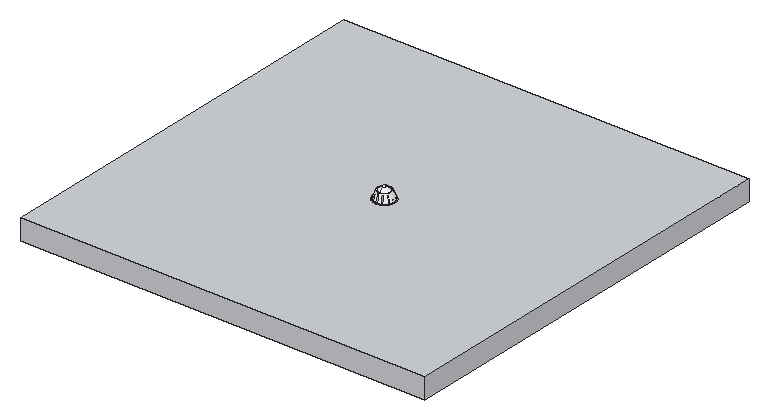
Revit family
Parameters (values of type "6"")
  WFU = 0
  URL = "WWW.MIFAB.COM"
  Top Assembly Diameter = 5.000"
  Strainer Adjustment [instance] = 1.500"
  Pipe Radius = Pipe Diameter / 2  # 3.000"
  Pipe Diameter = 6.000"
  Model = "F1100-C-K"
  Manufacturer = "MIFAB"
  Floor Drain Material = Paint - Sherwin Williams Paint - #952C2A - Bellwood Red
  Domestic Cold Water Radius = 0.250"
  Domestic Cold Water Diameter = Domestic Cold Water Radius * 2  # 0.500"
  Description = "FLOOR DRAIN WITH DOME STRAINER"
  Default Elevation = 0.000"
  CWFU = 0
  Body Height = 3.375"
  Assembly Code = ""
Types (6): name | Pipe Radius | Pipe Diameter
  (no name) | 3.000" | 6.000"
  3" | 1.500" | 3.000"
  4" | 2.000" | 4.000"
  5" | 2.500" | 5.000"
  6" | 3.000" | 6.000"
  2" | 1.000" | 2.000"
Reference planes (in)
  plane 1 "Center (Front/Back)": y = 0
  plane 2: z = 0
  plane 3 "Center (Left/Right)": x = 0
  plane 4: z = -4.875
  plane 5: z = -1.5
  plane 6: z = 0
  plane 7: y = 4
  plane 8: y = -4
  plane 9: y = -3
  plane 10: y = 3
  plane 11: z = 1.8
  plane 12: y = -3.13425
  plane 13: y = 3.13425
  plane 14: z = -1.5
  plane 15: z = -4.875
  plane 16: y = 2.5
  plane 17: y = -2.5
Forms (in)
  Extrusion 1, solid
    sketch origin (0, 0, 0) x (1, 0, 0) y (0, 1, 0)
      loop
        line (-48, 48) -> (-48, -48) -> (48, -48) -> (48, 48) -> (-48, 48)
    from 0 to -4.875
  Revolve 2, solid, material "Paint - Sherwin Williams Paint - #952C2A - Bellwood Red" <- "Floor Drain Material"
    sketch origin (0, 0.04396, 0) x (0, 1, 0) y (0, 0, 1)
      loop
        line (-0.04396, -1.5) -> (-4.04396, -1.5) -> (-4.04396, -1.76052) -> (-3.17821, -1.76052) -> (-3.17821, -2.79383) -> (-3.04396, -3.49988) -> (-3.04396, -4.875) -> (-0.04396, -4.875) -> (-0.04396, -1.5)
      axis (-0.04396, -1.5) -> (-0.04396, -4.875)
    angle from 0 to 360
  Revolve 3, solid, material "Paint - Sherwin Williams Paint - #952C2A - Bellwood Red" <- "Floor Drain Material"
    sketch origin (0, 0, 0) x (0, 1, 0) y (0, 0, 1)
      loop
        line (-4, -1.5) -> (-1.67549, -1.5) -> (-1.67549, -0.72742) -> (-1.7641, -0.72742) -> (-1.7641, -1.25) -> (-4, -1.25) -> (-4, -1.5)
      axis (0, -0.72742) -> (0, -1.5)
    angle from 0 to 360
  Revolve 4, solid, material "Paint - Sherwin Williams Paint - #952C2A - Bellwood Red" <- "Floor Drain Material"
    sketch origin (-0.09375, 0, 0) x (1, 0, 0) y (0, 0, 1)
      loop
        line (-3.44265, -2.25159) -> (-2.48645, -2.25159) -> (-2.48645, -1.9078) -> (-3.09582, -1.9078) -> (-3.18962, -2.00159) -> (-3.44265, -2.00159) -> (-3.44265, -2.25159)
      axis (-2.48645, -2.25159) -> (-3.44265, -2.25159)
    angle from 0 to 360
  Revolve 5, solid, material "Paint - Sherwin Williams Paint - #952C2A - Bellwood Red" <- "Floor Drain Material"
    sketch origin (0, 0, 0) x (0, 1, 0) y (0, 0, 1)
      loop
        line (-1.67549, -1.25) -> (-1.40936, -1.25) -> (-1.40936, -0.52519) -> (-2.37819, -0.52519) -> (-2.37819, 0) -> (-2.5, 0) -> (-2.5, -0.68359) -> (-1.67549, -0.68359) -> (-1.67549, -1.25)
      axis (0, 0) -> (0, -1.25)
    angle from 0 to 360
  Revolve 6, solid, material "Paint - Sherwin Williams Paint - #952C2A - Bellwood Red" <- "Floor Drain Material"
    sketch origin (0, 0, 0) x (0, 1, 0) y (0, 0, 1)
      loop
        line (-2.37819, 0) -> (-2.37819, -0.52519) -> (0, -0.52519) -> (0, 2.53353) -> (-0.5, 2.53353) -> (-1.23353, 1.8) -> (-1.59526, 1.8) -> (-2.2504, 0) -> (-2.37819, 0)
      axis (0, 2.53353) -> (0, -0.52519)
    angle from 0 to 360
  Extrusion 7, void
    sketch origin (0, 0, 0) x (1, 0, 0) y (0, 0, 1)
      loop
        line (0.15436, 0) -> (0.15436, 1.50037)
        arc (0.15436, 1.50037) -> (0, 1.65473) -> (-0.15436, 1.50037) r 0.15436
        line (-0.15436, 1.50037) -> (-0.15436, 0) -> (0.15436, 0)
    from 1.31662 to 2.53664
  Extrusion 8, void
    sketch origin (0, 0, 0) x (0.866025, -0.5, 0) y (0, 0, 1)
      loop
        line (0.15436, 0) -> (0.15436, 1.50037)
        arc (0.15436, 1.50037) -> (0, 1.65473) -> (-0.15436, 1.50037) r 0.15436
        line (-0.15436, 1.50037) -> (-0.15436, 0) -> (0.15436, 0)
    from 1.15888 to 2.46336
  Extrusion 9, void
    sketch origin (0, 0, 0) x (0.5, -0.866025, 0) y (0, 0, 1)
      loop
        line (0.15436, 0) -> (0.15436, 1.50037)
        arc (0.15436, 1.50037) -> (0, 1.65473) -> (-0.15436, 1.50037) r 0.15436
        line (-0.15436, 1.50037) -> (-0.15436, 0) -> (0.15436, 0)
    from 1.17885 to 2.53664
  Extrusion 10, void
    sketch origin (0, 0, 0) x (-0.866025, -0.5, 0) y (0, 0, -1)
      loop
        line (0.15436, 0) -> (-0.15436, 0) -> (-0.15436, -1.50037)
        arc (-0.15436, -1.50037) -> (0, -1.65473) -> (0.15436, -1.50037) r 0.15436
        line (0.15436, -1.50037) -> (0.15436, 0)
    from 1.24007 to 2.53664
  Extrusion 11, void
    sketch origin (0, 0, 0) x (-0.5, -0.866025, 0) y (0, 0, -1)
      loop
        line (0.15436, 0) -> (-0.15436, 0) -> (-0.15436, -1.50037)
        arc (-0.15436, -1.50037) -> (0, -1.65473) -> (0.15436, -1.50037) r 0.15436
        line (0.15436, -1.50037) -> (0.15436, 0)
    from 1.21564 to 2.53664
  Extrusion 12, void
    sketch origin (0, 0, 0) x (0.866025, 0.5, 0) y (0, 0, -1)
      loop
        line (0.15436, 0) -> (-0.15436, 0) -> (-0.15436, -1.50037)
        arc (-0.15436, -1.50037) -> (0, -1.65473) -> (0.15436, -1.50037) r 0.15436
        line (0.15436, -1.50037) -> (0.15436, 0)
    from 1.17962 to 2.53664
  Extrusion 13, void
    sketch origin (0, 0, 0) x (0.5, 0.866025, 0) y (0, 0, -1)
      loop
        line (0.15436, 0) -> (-0.15436, 0) -> (-0.15436, -1.50037)
        arc (-0.15436, -1.50037) -> (0, -1.65473) -> (0.15436, -1.50037) r 0.15436
        line (0.15436, -1.50037) -> (0.15436, 0)
    from 1.14008 to 2.53664
  Extrusion 14, void
    sketch origin (0, 0, 0) x (-0.866025, 0.5, 0) y (0, 0, 1)
      loop
        line (0.15436, 0) -> (0.15436, 1.50037)
        arc (0.15436, 1.50037) -> (0, 1.65473) -> (-0.15436, 1.50037) r 0.15436
        line (-0.15436, 1.50037) -> (-0.15436, 0) -> (0.15436, 0)
    from 1.2174 to 2.53664
  Extrusion 15, void
    sketch origin (0, 0, 0) x (-0.5, 0.866025, 0) y (0, 0, 1)
      loop
        line (0.15436, 0) -> (0.15436, 1.50037)
        arc (0.15436, 1.50037) -> (0, 1.65473) -> (-0.15436, 1.50037) r 0.15436
        line (-0.15436, 1.50037) -> (-0.15436, 0) -> (0.15436, 0)
    from 1.2293 to 2.53664
  Extrusion 16, void
    sketch origin (0, 0, 0) x (0, 1, 0) y (0, 0, -1)
      loop
        line (0.15436, 0) -> (-0.15436, 0) -> (-0.15436, -1.50037)
        arc (-0.15436, -1.50037) -> (0, -1.65473) -> (0.15436, -1.50037) r 0.15436
        line (0.15436, -1.50037) -> (0.15436, 0)
    from 1.16465 to 2.53664
  Extrusion 17, void
    sketch origin (0, 0, 0) x (0, 1, 0) y (0, 0, 1)
      loop
        line (0.15436, 0) -> (0.15436, 1.50037)
        arc (0.15436, 1.50037) -> (0, 1.65473) -> (-0.15436, 1.50037) r 0.15436
        line (-0.15436, 1.50037) -> (-0.15436, 0) -> (0.15436, 0)
    from 1.18824 to 2.53664
  Extrusion 18, void
    sketch origin (0, 0, 0) x (1, 0, 0) y (0, 0, -1)
      loop
        line (0.15436, 0) -> (-0.15436, 0) -> (-0.15436, -1.50037)
        arc (-0.15436, -1.50037) -> (0, -1.65473) -> (0.15436, -1.50037) r 0.15436
        line (0.15436, -1.50037) -> (0.15436, 0)
    from 1.14094 to 2.53664
Cuts and joins
  Extrusion 7, Extrusion 8, Extrusion 9, Extrusion 10, Extrusion 11, Extrusion 12, Extrusion 13, Extrusion 14, Extrusion 15, Extrusion 16, Extrusion 17, Extrusion 18 cuts Revolve 5
  Extrusion 7, Extrusion 8, Extrusion 9, Extrusion 10, Extrusion 11, Extrusion 12, Extrusion 13, Extrusion 14, Extrusion 15, Extrusion 16, Extrusion 17, Extrusion 18 cuts Revolve 6
  joined: Revolve 2, Revolve 4
Lines and regions (in)
  symbolic lines
    curve 1: circle (0, 0, 0) r 4 normal (0, 0, 1)
Dimensions and locks (in)
  "Body Height": plane 5 to plane 4
  "Strainer Adjustment": plane 6 to plane 5
  equal spacing: plane 7, plane 1 "Center (Front/Back)", plane 8
  plane 7 to plane 8 = 8.000"
  Revolve 2 to Revolve 4 sketch curve = 0.49108"
  equal spacing: plane 10, plane 1 "Center (Front/Back)", plane 9
  "Pipe Diameter": plane 10 to plane 9
  "Pipe Radius": plane 1 "Center (Front/Back)" to plane 9
  locked: Revolve 5 sketch curve to Revolve 5 sketch curve at 0.1584
  locked: Revolve 5 sketch curve to Revolve 5 sketch curve at 0.26614
  locked: plane 11 to Extrusion 1 at 1.8
  locked: Revolve 6 sketch curve to Extrusion 1 at 2.53353
  locked: Revolve 2 sketch curve to plane 8 at 0.86575
  locked: plane 1 "Center (Front/Back)" to Revolve 5 sketch curve at 1.40936
  "Strainer Adjustment": level to plane 14
  "Body Height": plane 14 to plane 15
  plane 1 "Center (Front/Back)" to Revolve 3 sketch curve to Revolve 3 sketch curve = 1.67549" locked, 0.08861" locked
  equal spacing: plane 16, plane 1 "Center (Front/Back)", plane 17
  "Top Assembly Diameter": plane 16 to plane 17
  locked: Revolve 5 sketch curve to plane 17 at 0.12181
  locked: Revolve 6 sketch curve to plane 17 at 0.12181
  plane 1 "Center (Front/Back)" to Revolve 6 sketch curve to Revolve 6 sketch curve to Revolve 6 sketch curve to Revolve 6 sketch curve = 0.500" locked, 0.73353" locked, 0.36173" locked, 0.65515" locked
  locked: Extrusion 7 sketch curve to level at 1.50037
  aligned and locked: plane 2 to Extrusion 1
  aligned and locked: level to Extrusion 1
  aligned and locked: plane 5 to Revolve 2 sketch curve
  aligned and locked: Revolve 2 to Revolve 3 sketch curve
  aligned and locked: Revolve 3 sketch curve to Revolve 2
  aligned and locked: Revolve 2 sketch curve to plane 9
  aligned and locked: plane 8 to Revolve 2 sketch curve
  aligned and locked: Extrusion 1 to plane 6
  aligned and locked: Revolve 3 to Revolve 5
  aligned and locked: Revolve 5 to Revolve 6
  aligned and locked: plane 12 to Revolve 2
  aligned and locked: plane 13 to Revolve 2
  aligned and locked: Revolve 5 sketch curve to plane 17
  aligned and locked: level to Extrusion 7 sketch curve
Automatic sketch dimensions
  Extrusion 1 sketch curve to Extrusion 1 sketch curve = 96.000"  (x2)
  Revolve 2 sketch curve to plane 1 "Center (Front/Back)" = 0.000"  (x2)
  Revolve 2 sketch curve to plane 4 = 0.000"  (x2)
  Revolve 2 sketch curve to Revolve 2 sketch curve = 1.37512"
  Revolve 2 sketch curve to Revolve 2 sketch curve = 0.70605"
  Revolve 2 sketch curve to plane 5 = 0.26052"
  Revolve 2 sketch curve to plane 5 = 0.250"
  Revolve 3 sketch curve to plane 1 "Center (Front/Back)" = 0.000"
  Revolve 3 sketch curve to level = 0.000"
  Revolve 3 sketch curve to plane 14 = 0.58323"
  Revolve 3 sketch curve to Revolve 3 sketch curve = 0.250"
  Revolve 3 sketch curve to Revolve 3 sketch curve = 0.52258"
  Revolve 4 sketch curve to plane 14 = 0.75159"
  Revolve 4 sketch curve to plane 3 "Center (Left/Right)" = 3.5364"
  Revolve 4 sketch curve to plane 14 = 0.50159"
  Revolve 4 sketch curve to Revolve 4 sketch curve = 0.25303"
  Revolve 4 sketch curve to Revolve 4 sketch curve = 0.09379"
  Revolve 4 sketch curve to Revolve 4 sketch curve = 0.53757"
  Revolve 4 sketch curve to Revolve 4 sketch curve = 0.1656"
  Revolve 4 sketch curve to Revolve 4 sketch curve = 0.625"
  Revolve 4 sketch curve to Revolve 4 sketch curve = 0.000"
  Revolve 4 sketch curve to Revolve 4 sketch curve = 0.34379"
  Revolve 5 sketch curve to plane 1 "Center (Front/Back)" = 0.000"
  plane 14 to Revolve 5 sketch curve = 0.000"
  Revolve 5 sketch curve to level = 0.000"  (x2)
  plane 14 to Revolve 5 sketch curve = 0.250"
  Revolve 5 sketch curve to Revolve 5 sketch curve = 0.56641"
  Revolve 6 sketch curve to plane 1 "Center (Front/Back)" = 0.000"  (x2)
  Revolve 6 sketch curve to level = 0.000"
  Revolve 6 sketch curve to plane 11 = 0.000"
  Revolve 6 sketch curve to level = 0.52519"
  plane 14 to Revolve 6 sketch curve = 0.402"
  Revolve 6 sketch curve to Revolve 6 sketch curve = 0.71875"
  Extrusion 7 sketch curve to plane 3 "Center (Left/Right)" = 0.000"
  Extrusion 7 sketch curve to plane 3 "Center (Left/Right)" = 0.15436"
  Extrusion 8 sketch curve to level = 0.000"
  Extrusion 8 sketch curve to Extrusion 8 sketch curve = 0.15436"
  Extrusion 8 sketch curve to Extrusion 8 sketch curve = 1.50037"
  Extrusion 9 sketch curve to level = 0.000"
  Extrusion 9 sketch curve to Extrusion 9 sketch curve = 0.15436"
  Extrusion 9 sketch curve to Extrusion 9 sketch curve = 1.50037"
  Extrusion 10 sketch curve to level = 0.000"
  Extrusion 10 sketch curve to Extrusion 10 sketch curve = 0.15436"
  level to Extrusion 10 sketch curve = 1.50037"
  Extrusion 11 sketch curve to level = 0.000"
  Extrusion 11 sketch curve to Extrusion 11 sketch curve = 0.15436"
  level to Extrusion 11 sketch curve = 1.50037"
  level to Extrusion 12 sketch curve = 0.000"
  Extrusion 12 sketch curve to Extrusion 12 sketch curve = 0.15436"
  level to Extrusion 12 sketch curve = 1.50037"
  level to Extrusion 13 sketch curve = 0.000"
  Extrusion 13 sketch curve to Extrusion 13 sketch curve = 0.15436"
  level to Extrusion 13 sketch curve = 1.50037"
  level to Extrusion 14 sketch curve = 0.000"
  Extrusion 14 sketch curve to Extrusion 14 sketch curve = 0.15436"
  Extrusion 14 sketch curve to Extrusion 14 sketch curve = 1.50037"
  level to Extrusion 15 sketch curve = 0.000"
  Extrusion 15 sketch curve to Extrusion 15 sketch curve = 0.15436"
  Extrusion 15 sketch curve to Extrusion 15 sketch curve = 1.50037"
  Extrusion 16 sketch curve to level = 0.000"
  Extrusion 16 sketch curve to plane 1 "Center (Front/Back)" = 0.000"
  Extrusion 16 sketch curve to Extrusion 16 sketch curve = 0.15436"
  level to Extrusion 16 sketch curve = 1.50037"
  Extrusion 17 sketch curve to level = 0.000"
  Extrusion 17 sketch curve to plane 1 "Center (Front/Back)" = 0.000"
  Extrusion 17 sketch curve to Extrusion 17 sketch curve = 0.15436"
  Extrusion 17 sketch curve to Extrusion 17 sketch curve = 1.50037"
  Extrusion 18 sketch curve to level = 0.000"
  Extrusion 18 sketch curve to plane 3 "Center (Left/Right)" = 0.000"
  Extrusion 18 sketch curve to plane 3 "Center (Left/Right)" = 0.15436"
  level to Extrusion 18 sketch curve = 1.50037"
  plane 1 "Center (Front/Back)" to curve 1 = 0.000"
  curve 1 to plane 3 "Center (Left/Right)" = 0.000"
  radius of curve 1 = 4.000"
Connectors (in)
  piping at (-3.5364, 0, -2.25159), driven by "CWFU", driven by "Domestic Cold Water Radius"
    settings: on Revolve 4, index 1, connector radius 1/4", flow factor 0, pipe flow 0 GPM, pressure drop 0.00 psi, fitting loss kfactor 0, connector angle 0.00°, fixture units 0, flow configuration 3, flow direction 1, fitting loss method 0, system type 20, connector reference index -1, connector utility 0, adjustable connector no, is connector primary yes, fitting loss table "", connector description "Domestic Cold Water In"
  piping at (0, 0, -4.875), driven by "Pipe Radius", driven by "WFU"
    settings: on Revolve 2, index 2, connector radius 3", flow factor 0, pipe flow 0 GPM, pressure drop 0.00 psi, fitting loss kfactor 0, connector angle 0.00°, fixture units 0, flow configuration 3, flow direction 2, fitting loss method 0, system type 16, connector reference index -1, connector utility 0, adjustable connector no, is connector primary no, fitting loss table "", connector description "Sanitary Out"
